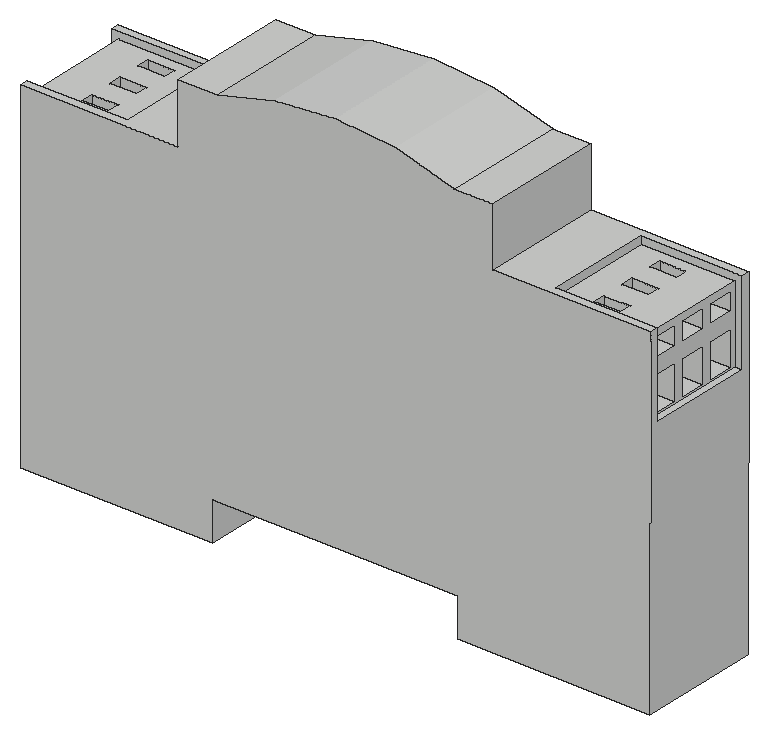
Revit family "Basisschutz für Doppeladersysteme mit HF-Anwendungen 120 V", category Generic Models, Revit 2015
Parameters (values of type "TKS-B")
  Width = 90 mm
  URL = "http://www.obo-bettermann.com"
  Material 2 = OBO PE
  Material = OBO PA 6 GF20
  Manufacturer Art.No. = "5097976"
  Manufacturer = "OBO Bettermann"
  Length = 17.5 mm
  Height = 60.5 mm
  GTIN = "4012195578277"
  Cut depth = 12 mm
  Article Type = "TKS-B"
Reference planes
  plane 1 "Center (Front/Back)": y = 0
  plane 2: z = 0
  plane 3 "Center (Left/Right)": x = 0
  plane 4: z = 60.5
  plane 5: y = 8.75
  plane 6: y = -8.75
  plane 7: z = 37
  plane 8: z = 48
  plane 9: z = 46
  plane 10: x = 39
  plane 11: x = -39
  plane 12: z = 61.5
  plane 13: z = 51.5
Forms (mm)
  Extrusion 1, solid, material "OBO PA 6 GF20" <- "Material"
    sketch origin (0, 0, 0) x (1, 0, 0) y (0, 0, 1)
      loop
        line (0, 5.5) -> (17.5, 5.5) -> (17.5, 0) -> (45, 0) -> (45, 49) -> (22.5, 49) -> (22.5, 57.5) -> (17, 57.5)
        arc (17, 57.5) -> (0, 60.5) -> (-17, 57.5) r 49.667
        line (-17, 57.5) -> (-22.5, 57.5) -> (-22.5, 49) -> (-45, 49) -> (-45, 0) -> (-17.5, 0) -> (-17.5, 5.5) -> (0, 5.5)
    from -8.75 to 8.75
  Extrusion 2, void
    sketch origin (0, 0, 0) x (1, 0, 0) y (0, 1, 0)
      loop
        line (30.6, 7.6) -> (30.6, -7.6) -> (45, -7.6) -> (45, 7.6) -> (30.6, 7.6)
      loop
        line (-45, 7.6) -> (-45, -7.6) -> (-30.6, -7.6) -> (-30.6, 7.6) -> (-45, 7.6)
    from 37 to 49
  Extrusion 3, solid, material "OBO PE" <- "Material 2"
    sketch origin (0, 0, 0) x (1, 0, 0) y (0, 1, 0)
      loop
        line (30.6, 7.6) -> (30.6, -7.6) -> (44, -7.6) -> (44, 7.6) -> (30.6, 7.6)
      loop
        line (-30.6, 7.6) -> (-44, 7.6) -> (-44, -7.6) -> (-30.6, -7.6) -> (-30.6, 7.6)
    from 37 to 48
  Extrusion 4, void
    sketch origin (0, 0, 0) x (1, 0, 0) y (0, 1, 0)
      loop
        line (34.7, 0.9) -> (34.7, -0.9) -> (38.5, -0.9) -> (38.5, 0.9) -> (34.7, 0.9)
      loop
        line (34.7, 5.9) -> (34.7, 4.1) -> (38.5, 4.1) -> (38.5, 5.9) -> (34.7, 5.9)
      loop
        line (34.7, -4.1) -> (34.7, -5.9) -> (38.5, -5.9) -> (38.5, -4.1) -> (34.7, -4.1)
      loop
        line (-34.7, 5.9) -> (-38.5, 5.9) -> (-38.5, 4.1) -> (-34.7, 4.1) -> (-34.7, 5.9)
      loop
        line (-34.7, 0.9) -> (-38.5, 0.9) -> (-38.5, -0.9) -> (-34.7, -0.9) -> (-34.7, 0.9)
      loop
        line (-34.7, -4.1) -> (-38.5, -4.1) -> (-38.5, -5.9) -> (-34.7, -5.9) -> (-34.7, -4.1)
    from 46 to 48
  Extrusion 5, void
    sketch origin (0, 0, 0) x (0, 1, 0) y (0, 0, 1)
      loop
        line (1.9, 47) -> (-1.9, 47) -> (-1.9, 44.4) -> (1.9, 44.4) -> (1.9, 47)
      loop
        line (6.9, 47) -> (3.1, 47) -> (3.1, 44.4) -> (6.9, 44.4) -> (6.9, 47)
      loop
        line (-3.1, 47) -> (-6.9, 47) -> (-6.9, 44.4) -> (-3.1, 44.4) -> (-3.1, 47)
      loop
        line (6.9, 42.2) -> (3.1, 42.2) -> (3.1, 37.2) -> (6.9, 37.2) -> (6.9, 42.2)
      loop
        line (1.9, 42.2) -> (-1.9, 42.2) -> (-1.9, 37.2) -> (1.9, 37.2) -> (1.9, 42.2)
      loop
        line (-3.1, 42.2) -> (-6.9, 42.2) -> (-6.9, 37.2) -> (-3.1, 37.2) -> (-3.1, 42.2)
    from 39 to 44
  Extrusion 6, void
    sketch origin (0, 0, 0) x (0, 1, 0) y (0, 0, 1)
      loop
        line (3.1, 44.4) -> (6.9, 44.4) -> (6.9, 47) -> (3.1, 47) -> (3.1, 44.4)
      loop
        line (1.9, 44.4) -> (1.9, 47) -> (-1.9, 47) -> (-1.9, 44.4) -> (1.9, 44.4)
      loop
        line (-3.1, 47) -> (-6.9, 47) -> (-6.9, 44.4) -> (-3.1, 44.4) -> (-3.1, 47)
      loop
        line (6.9, 42.2) -> (3.1, 42.2) -> (3.1, 37.2) -> (6.9, 37.2) -> (6.9, 42.2)
      loop
        line (1.9, 37.2) -> (1.9, 42.2) -> (-1.9, 42.2) -> (-1.9, 37.2) -> (1.9, 37.2)
      loop
        line (-3.1, 42.2) -> (-6.9, 42.2) -> (-6.9, 37.2) -> (-3.1, 37.2) -> (-3.1, 42.2)
    from -44 to -39
Cuts and joins
  Extrusion 2, Extrusion 4, Extrusion 5, Extrusion 6 cuts Extrusion 1
  Extrusion 4, Extrusion 5, Extrusion 6 cuts Extrusion 3
Dimensions and locks
  locked: Extrusion 1 sketch curve to plane 3 "Center (Left/Right)" at 45
  locked: Extrusion 1 sketch curve to level at 49  (x2)
  locked: Extrusion 1 sketch curve to level at 5.5
  locked: Extrusion 1 sketch curve to plane 3 "Center (Left/Right)" at 17.5
  locked: Extrusion 1 sketch curve to plane 3 "Center (Left/Right)" at 22.5
  locked: Extrusion 1 sketch curve to level at 57.5  (x2)
  locked: Extrusion 1 sketch curve to Extrusion 1 sketch curve at 5.5  (x2)
  "Width": Extrusion 1 sketch curve to Extrusion 1 sketch curve
  locked: plane 3 "Center (Left/Right)" to Extrusion 1 sketch curve at 17.5
  locked: plane 3 "Center (Left/Right)" to Extrusion 1 sketch curve at 22.5
  "Height": plane 4 to level
  "Length": plane 5 to plane 6
  locked: plane 5 to plane 1 "Center (Front/Back)" at 8.75
  locked: Extrusion 2 sketch curve to Extrusion 2 sketch curve at 15.2
  equal spacing: Extrusion 2 sketch curve, plane 1 "Center (Front/Back)", Extrusion 2 sketch curve, locked at 7.6 each
  locked: Extrusion 2 sketch curve to Extrusion 1 at 14.4
  locked: Extrusion 1 to Extrusion 2 sketch curve at 14.4
  "Cut depth": cut or joined group of Extrusion 1, Extrusion 2, Extrusion 4, Extrusion 5, Extrusion 6 to plane 7
  locked: Extrusion 3 sketch curve to cut or joined group of Extrusion 1, Extrusion 2, Extrusion 4, Extrusion 5, Extrusion 6 at 1
  locked: cut or joined group of Extrusion 1, Extrusion 2, Extrusion 4, Extrusion 5, Extrusion 6 to Extrusion 3 sketch curve at 1
  locked: cut or joined group of Extrusion 1, Extrusion 2, Extrusion 4, Extrusion 5, Extrusion 6 to plane 8 at 1
  locked: Extrusion 4 sketch curve to Extrusion 4 sketch curve at 1.8  (x3)
  equal spacing: Extrusion 4 sketch curve, plane 1 "Center (Front/Back)", Extrusion 4 sketch curve, locked at 0.9 each
  locked: Extrusion 4 sketch curve to Extrusion 4 sketch curve at 3.2  (x2)
  locked: Extrusion 4 sketch curve to Extrusion 4 sketch curve at 3.8  (x2)
  locked: Extrusion 4 sketch curve to cut or joined group of Extrusion 1, Extrusion 2, Extrusion 4, Extrusion 5, Extrusion 6 at 10.3
  locked: cut or joined group of Extrusion 1, Extrusion 2, Extrusion 4, Extrusion 5, Extrusion 6 to Extrusion 4 sketch curve at 10.3
  locked: plane 8 to plane 9 at 2
  locked: Extrusion 5 sketch curve to Extrusion 5 sketch curve at 3.8  (x3)
  equal spacing: Extrusion 5 sketch curve, plane 1 "Center (Front/Back)", Extrusion 5 sketch curve, locked at 1.9 each
  locked: Extrusion 5 sketch curve to Extrusion 5 sketch curve at 1.2  (x2)
  locked: cut or joined group of Extrusion 3, Extrusion 4, Extrusion 5, Extrusion 6 to Extrusion 5 sketch curve at 1
  locked: Extrusion 5 sketch curve to Extrusion 5 sketch curve at 2.6
  locked: Extrusion 5 sketch curve to Extrusion 5 sketch curve at 2.2
  locked: Extrusion 5 sketch curve to Extrusion 5 sketch curve at 5
  locked: cut or joined group of Extrusion 3, Extrusion 4, Extrusion 5, Extrusion 6 to plane 10 at 5
  locked: cut or joined group of Extrusion 3, Extrusion 4, Extrusion 5, Extrusion 6 to plane 11 at 5
  locked: plane 12 to cut or joined group of Extrusion 1, Extrusion 2, Extrusion 4, Extrusion 5, Extrusion 6 at 4
  locked: plane 12 to plane 13 at 10
  radius of Extrusion 1 sketch curve = 49.667 mm
  aligned and locked: level to plane 2
  aligned and locked: Extrusion 1 to plane 5
  aligned and locked: plane 6 to Extrusion 1
  aligned and locked: Extrusion 2 sketch curve to Extrusion 1  (x2)
  aligned and locked: Extrusion 2 sketch curve to Extrusion 2 sketch curve  (x2)
  aligned and locked: Extrusion 2 to plane 7
  aligned and locked: Extrusion 2 to Extrusion 1
  aligned and locked: Extrusion 3 sketch curve to cut or joined group of Extrusion 1, Extrusion 2, Extrusion 4, Extrusion 5, Extrusion 6  (x5)
  aligned and locked: cut or joined group of Extrusion 1, Extrusion 2, Extrusion 4, Extrusion 5, Extrusion 6 to Extrusion 3 sketch curve
  aligned and locked: cut or joined group of Extrusion 1, Extrusion 2, Extrusion 4, Extrusion 5, Extrusion 6 to Extrusion 3
  aligned and locked: plane 8 to Extrusion 3
  aligned and locked: Extrusion 4 sketch curve to Extrusion 4 sketch curve  (x14)
  aligned and locked: Extrusion 4 to plane 9
  aligned and locked: plane 8 to Extrusion 4
  aligned and locked: Extrusion 5 sketch curve to Extrusion 5 sketch curve  (x14)
  aligned and locked: Extrusion 5 to plane 10
  aligned and locked: cut or joined group of Extrusion 3, Extrusion 4, Extrusion 5, Extrusion 6 to Extrusion 5
  aligned and locked: Extrusion 6 sketch curve to cut or joined group of Extrusion 3, Extrusion 4, Extrusion 5, Extrusion 6  (x24)
  aligned and locked: cut or joined group of Extrusion 3, Extrusion 4, Extrusion 5, Extrusion 6 to Extrusion 6
  aligned and locked: plane 11 to Extrusion 6
Automatic sketch dimensions
  Extrusion 1 sketch curve to plane 3 "Center (Left/Right)" = 0 mm
  Extrusion 1 sketch curve to level = 0 mm  (x2)
  Extrusion 6 sketch curve to plane 1 "Center (Front/Back)" = 3.1 mm
